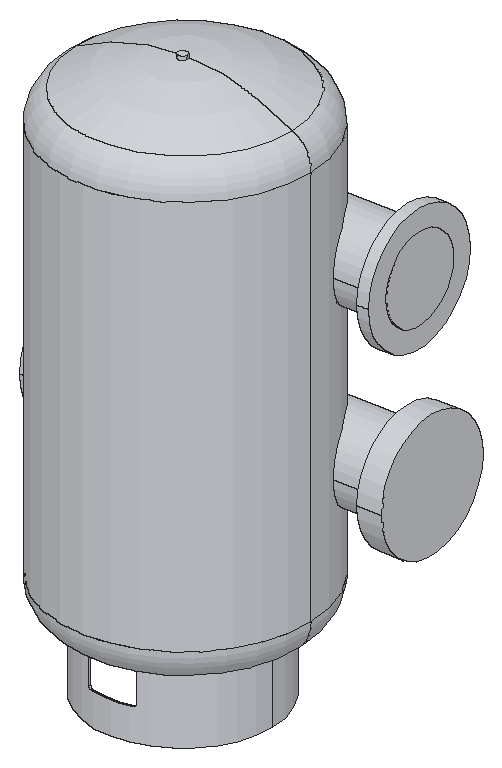
Revit family "14-AS-seddy", category Mechanical Equipment, Revit 2014
Parameters (values of type "14-AS 150# W.P. 10 BAR")
  Weight = "2200 lbs"
  Top to Inlet = 28.50012"
  Top Connection Radius = 0.375"
  Top Connection Diameter = Top Connection Radius * 2  # 0.750"
  Tank Height = 85.125"
  Tangential = yes
  Tank Height Less Stand = 87.000"
  Tank Diameter = 42.000"
  Pipe Location off CL = 13.000"
  Outlet Pipe Flange Conn. Radius = Outlet Pipe Flange Conn / 2  # 7.000"
  Outlet Pipe Flange Conn = 14.000"
  Model = "14\"-AS"
  Pressure Drop = ".6"
  Max Operating Temp = "350 DEG F"
  Max Operating Pressure = "150 PSI"
  Manufacturer = "Amtrol"
  Inlet CL to Outlet CL = 30.000"
  Inlet Pipe Flange Conn = 14.000"
  Inlet Pipe Flange Conn. Radius = Inlet Pipe Flange Conn / 2  # 7.000"
  Flow (GPM) = "2600"
  Flange to Flange Height = 52.000"
  CL to Outlet Flange = 29.000"
  Bottom Connection Radius = Bottom Connection Diameter / 2  # 0.375"
  Bottom Connection Diameter = 0.750"
  ASME = yes
Types (3): name | Top to Inlet | Tank Height Less Stand | Max Operating Pressure | CL to Outlet Flange
  (no name) | 28.50012" | 87.000" | "150 PSI" | 29.000"
  14-AS 125# W.P. | 20.875" | 71.750" | "125 PSI" | 26.000"
  14-AS 150# W.P. 10 BAR | 28.50012" | 87.000" | "150 PSI" | 29.000"
Reference planes (in)
  plane 1 "Center (Front/Back)": y = 0
  plane 2: z = 0
  plane 3 "Center (Left/Right)": x = 0
Forms (in)
  Revolve 1, solid
    sketch origin (0, 0.5, 0) x (1, 0, 0) y (0, 0, 1)
      loop
        line (0, 88) -> (0, 1)
        arc (0, 1) -> (9.31453, 2.22068) -> (17.99612, 5.80964) r 36
        arc (17.99612, 5.80964) -> (20.19503, 8.00609) -> (21, 11.00803) r 6
        line (21, 11.00803) -> (21, 77.99198)
        arc (21, 77.99198) -> (20.19503, 80.99392) -> (17.99611, 83.19037) r 6
        arc (17.99611, 83.19037) -> (9.31453, 86.77933) -> (0, 88) r 36
      axis (0, 1) -> (0, 88)
    angle from 0 to 360
  Extrusion 2, solid
    sketch origin (0, 0, 4.33383) x (0, 1, 0) y (0, 0, 1)
      loop
        circle (13, 55.19222) r 7
    from 2.04863 to 29
  Extrusion 3, solid
    sketch origin (1.78583, 0, 10.39478) x (0, 1, 0) y (0, 0, 1)
      loop
        circle (13, 19.12895) r 7
    from -28.78583 to 25.21425
  Extrusion 4, solid
    sketch origin (11.29208, 0, 8.255) x (0, 1, 0) y (0, 0, 1)
      loop
        circle (13, 51.27105) r 10.5
    from 15.708 to 17.70792
  Extrusion 5, solid
    sketch origin (0, 0, -6.99525) x (0, 1, 0) y (0, 0, 1)
      loop
        circle (13, 36.51898) r 10.5
    from -27 to -29
  Sweep 6, solid
    path origin (0.0083, 0, 42.63637) x (1, 0, 0) y (0, 0, 1)
      loop
        line (0, 45.3898) -> (0, 45.8898)
    profile origin (0.0083, 0, 88.27617) x (-1, 0, 0) y (0, -1, 0)
      loop
        circle (0, 0) r 0.75
  Sweep 7, solid
    path origin (0, 0, 0.47237) x (1, 0, 0) y (0, 0, 1)
      loop
        line (0, 0) -> (0, 0.5538)
    profile origin (0, 0, 0.74927) x (-1, 0, 0) y (0, -1, 0)
      loop
        circle (0, 0) r 0.75
  Extrusion 8, solid
    sketch origin (2.75008, 0, -7.62751) x (0, 1, 0) y (0, 0, 1)
      loop
        circle (13, 37.15117) r 10.5
    from 28.33253 to 24.25
  Extrusion 9, solid
    sketch origin (0, 0, 0) x (1, 0, 0) y (0, 1, 0)
      loop
        circle (0, 0) r 15
      loop
        circle (0, 0) r 14.75
    from 6.82804 to -6.54728
  Extrusion 10, void
    sketch origin (0, 0, 0) x (1, 0, 0) y (0, 0, 1)
      loop
        line (-3.98176, 6.82804) -> (-3.98176, -0.63548)
        arc (-3.98176, -0.63548) -> (-3.83532, -0.98904) -> (-3.48176, -1.13548) r 0.5
        line (-3.48176, -1.13548) -> (3.48176, -1.13548)
        arc (3.48176, -1.13548) -> (3.83532, -0.98904) -> (3.98176, -0.63548) r 0.5
        line (3.98176, -0.63548) -> (3.98176, 6.82804) -> (-3.98176, 6.82804)
    from 4.41095 to 19.03288
Cuts and joins
  Extrusion 10 cuts Sweep 7
  Extrusion 10 cuts Extrusion 9
Text (in)
  text "INLET" at (28.97557, 0, 57.02686), in view "Front"
  text "OUTLET" at (-37.63375, 0, 20.70085), in view "Front"
  text "STRAINER\n\nACCESS" at (37.48761, 0, 26.03036), in view "Front"
Dimensions and locks (in)
  "Pipe Location off CL": plane 1 "Center (Front/Back)" to Extrusion 2 sketch curve
  "Pipe Location off CL": plane 1 "Center (Front/Back)" to Extrusion 3 sketch curve
  "Pipe Location off CL": Extrusion 5 sketch curve to plane 1 "Center (Front/Back)"
  "Pipe Location off CL": Extrusion 4 sketch curve to plane 1 "Center (Front/Back)"
  "CL to Outlet Flange": Extrusion 5 to plane 3 "Center (Left/Right)"
  "Top to Inlet": Sweep 6 to Extrusion 4 sketch curve
  "Top to Inlet": Sweep 6 to Extrusion 2 sketch curve
  Sweep 6 to Extrusion 5 sketch curve = 58.50244"
  Sweep 6 to Extrusion 8 sketch curve = 58.50251"
  Sweep 6 to Extrusion 3 sketch curve = 58.50244"
  "Pipe Location off CL": plane 1 "Center (Front/Back)" to Extrusion 8 sketch curve
  locked: Revolve 1 sketch curve to level at 1
  "Tank Height Less Stand": Revolve 1 sketch curve to Revolve 1 sketch curve
  "Tank Height Less Stand": Sweep 6 sketch curve to cut or joined group of Sweep 7, Extrusion 10
  Revolve 1 sketch curve to plane 3 "Center (Left/Right)" = 21.000"
  Extrusion 4 to plane 3 "Center (Left/Right)" = 27.00008"
  radius of Revolve 1 sketch curve = 36.000"  (x2)
  aligned and locked: Extrusion 3 to Extrusion 5
  aligned: Extrusion 2 to Extrusion 8
  aligned and locked: Extrusion 9 to Extrusion 10
Automatic sketch dimensions
  plane 1 "Center (Front/Back)" to Sweep 6 sketch curve = 0.000"
  Sweep 6 sketch curve to profile plane = 0.000"
  Sweep 7 sketch curve to plane 3 "Center (Left/Right)" = 0.000"
  level to Sweep 7 sketch curve = 0.47237"
  level to Sweep 7 sketch curve = 1.02617"
  plane 1 "Center (Front/Back)" to Sweep 7 sketch curve = 0.000"
  Sweep 7 sketch curve to profile plane = 0.000"
  Extrusion 9 sketch curve to Extrusion 9 sketch curve = 0.000"  (x2)
  plane 1 "Center (Front/Back)" to Extrusion 9 sketch curve = 0.000"
  Extrusion 9 sketch curve to plane 3 "Center (Left/Right)" = 0.000"
  Extrusion 10 sketch curve to plane 3 "Center (Left/Right)" = 3.98176"
  Extrusion 10 sketch curve to Extrusion 10 sketch curve = 0.500"  (x2)
  Extrusion 10 sketch curve to level = 0.63548"
  plane 3 "Center (Left/Right)" to Extrusion 10 sketch curve = 3.48176"
  level to Extrusion 10 sketch curve = 6.82804"
  Revolve 1 sketch curve to plane 3 "Center (Left/Right)" = 0.000"  (x2)
  plane 3 "Center (Left/Right)" to Revolve 1 sketch curve = 0.01942"
  plane 3 "Center (Left/Right)" to Revolve 1 sketch curve = 0.01944"
  Revolve 1 sketch curve to Revolve 1 sketch curve = 6.000"  (x2)
  level to Revolve 1 sketch curve = 11.00803"
  Revolve 1 sketch curve to Revolve 1 sketch curve = 10.00802"
  Revolve 1 sketch curve to level = 11.85551"
  Revolve 1 sketch curve to Revolve 1 sketch curve = 10.39449"
  plane 3 "Center (Left/Right)" to Sweep 6 sketch curve = 0.0083"
  Sweep 6 sketch curve to Sweep 6 sketch curve = 0.500"
  radius of Sweep 6 sketch curve = 0.750"
  radius of Sweep 7 sketch curve = 0.750"
  radius of Extrusion 9 sketch curve = 15.000"
  radius of Extrusion 9 sketch curve = 14.750"
  radius of Extrusion 3 sketch curve = 7.000"
  radius of Extrusion 5 sketch curve = 10.500"
  radius of Extrusion 8 sketch curve = 10.500"
  radius of Extrusion 2 sketch curve = 7.000"
  radius of Extrusion 4 sketch curve = 10.500"
Connectors (in)
  piping at (0.0083, 0, 88.52617), diameter 0.75, driven by "Top Connection Radius"
    settings: on Sweep 6, index 3, connector inside diameter 3/4", connector length 0.000", flow factor 0, pipe flow 0 GPM, pressure drop 0.00 psi, fitting loss kfactor 0, connector angle 0.00°, fixture units 0, engagement length 0.000", angle of deflection 0.00°, flow configuration 0, flow direction 0, fitting loss method 0, system type 7, joint type 0, gender type 0, connector reference index -1, connector utility 0, adjustable connector no, is connector primary yes, connector description ""
  piping at (-29, 13, 29.52373), diameter 14, driven by "Outlet Pipe Flange Conn. Radius"
    settings: on Extrusion 5, index 4, connector inside diameter 14", connector length 0.000", flow factor 0, pipe flow 0 GPM, pressure drop 0.00 psi, fitting loss kfactor 0, connector angle 0.00°, fixture units 0, engagement length 0.000", angle of deflection 0.00°, flow configuration 0, flow direction 0, fitting loss method 0, system type 7, joint type 0, gender type 0, connector reference index -1, connector utility 0, adjustable connector no, is connector primary no, connector description ""
  piping at (0, 0, 0.47237), diameter 0.75, driven by "Bottom Connection Radius"
    settings: on Sweep 7, index 5, connector inside diameter 3/4", connector length 0.000", flow factor 0, pipe flow 0 GPM, pressure drop 0.00 psi, fitting loss kfactor 0, connector angle 0.00°, fixture units 0, engagement length 0.000", angle of deflection 0.00°, flow configuration 0, flow direction 0, fitting loss method 0, system type 7, joint type 0, gender type 0, connector reference index -1, connector utility 0, adjustable connector no, is connector primary no, connector description ""
  piping at (27.00008, 13, 59.52605), diameter 14, driven by "Inlet Pipe Flange Conn. Radius"
    settings: on Extrusion 4, index 6, connector inside diameter 14", connector length 0.000", flow factor 0, pipe flow 0 GPM, pressure drop 0.00 psi, fitting loss kfactor 0, connector angle 0.00°, fixture units 0, engagement length 0.000", angle of deflection 0.00°, flow configuration 0, flow direction 0, fitting loss method 0, system type 7, joint type 0, gender type 0, connector reference index -1, connector utility 0, adjustable connector no, is connector primary no, connector description ""
